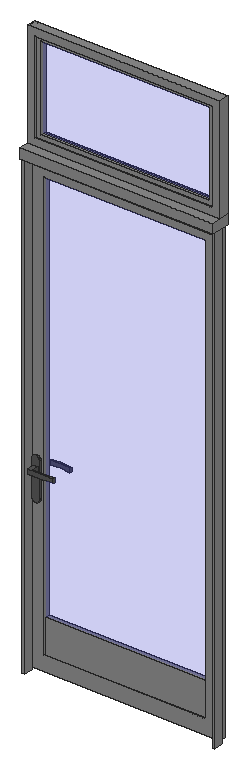
Revit family "Door_Swing Door_The Sliding Door Company_Single Door with Transom_Without Casing", category Doors, host Wall, Revit 2019
Family settings
  Host = Wall
  OmniClass Number = 23.30.10.00
  OmniClass Title = Doors
  Always vertical = Yes
  Cut with Voids When Loaded = No
  Shared = No
  Room Calculation Point = No
Parameters (values of type "Single Swing Door with Transom")
  URL = "https://www.slidingdoorco.com"
  Thickness = 1 1/4"  # constant formula
  Transom Panel Width = Transom Order Width - 2"  # 38"
  Transom Panel Height = Transom Order Height - 1 1/2"  # 20 1/2"
  Transom Order Width = SD Panel Width + 3/8"  # 40"
  Transom Order Height = Finished Opening Height - SD Order Height - Beam  # 22"
  SD Top Side Gap = 1/4"  # constant formula
  Swing Angle [instance] = 90.00°
  SD Stile/Rail = 3"  # constant formula
  Stile, Rail, Door Stop & Kickplate Material [instance] = TSDC - Powder Coat Charcoal Gray
  Round Designer Handle Finish [instance] = TSDC - Handle Black
  Round Designer Handle 12" = not(Lever Set)  # no
  SD Panel Width = Width - 3/8"  # 39 5/8"
  SD Panel Height = Height - 7/8"  # 95 1/8"
  Opening Clearance Height = Height - 1" / 2  # 95 1/2"
  Opening Clearance Width = Width - 5" / 8 - 1 7/8"  # 37 1/2"
  Model = "Swing Door without Door Casing + Transom"  # constant formula
  Maximum Transom Order Height = "48 inches"  # constant formula
  Maximum Door Panel Width = "40 inches"  # constant formula
  Maximum Door Panel Height = "108 inches"  # constant formula
  Maximum Door Swing = "120 degress"  # constant formula
  Manufacturer = "The Sliding Door Company"  # constant formula
  Lever Set = yes
  Kickplate = yes
  Lever Handle Finish [instance] = TSDC - Handle Black
  SD Hinge Side Gap = 1/4"  # constant formula
  SD Handle Side Gap = 1/8"  # constant formula
  Glass Material [instance] = TSDC - Clear Glass
  Function = Interior
  Frame Projection Ext. = 1"
  Frame Projection Int. = 1"
  Frame Width = 3"
  Height = if(SD Order Height > 108 7/8", 108 7/8", SD Order Height)  # 96"
  Wall Closure = By host
  Width = if(SD Order Width > 40 3/8", 40 3/8", SD Order Width)  # 40"
  Fire Rating = "N/A"  # constant formula
  SD Order Width = 40"
  SD Order Height = 96"
  Finished Opening Height = 120"
  Description = "Swing Door without Door Casing + Transom"  # constant formula
  Contact Information = "https://www.slidingdoorco.com/contact"
  Beam = 2"
  ADA Opening Clearance = "Minimum of 32 inches Opening Clearance"  # constant formula
  SD Bottom Side Gap = 5/8"  # constant formula
Reference planes (in)
  plane 1 "Center (Front/Back)": y = 0
  plane 2 "Center (Left/Right)": x = 0
  plane 3 "Left": x = -20
  plane 4 "Right": x = 20
  plane 5 "Top": z = 96
  plane 6 "Exterior": y = 3
  plane 7 "Interior": y = -3
  plane 8 "hinge": x = 19.75
  plane 9 "handle": x = -19.875
  plane 10 "top side": z = 95.75
  plane 11 "bottom side": z = 0.625
  plane 12: x = -19.375
  plane 13: x = 18.125
  plane 14: y = 1.375
  plane 15: y = 2.625
  plane 16: z = 36
  plane 17: z = 38
  plane 18: z = 10.625
  plane 19 "4": z = 98
  plane 20: y = -1
  plane 21: z = 120
  plane 22: z = 119.25
  plane 23: z = 98.75
  plane 24: x = -19
  plane 25: x = 19
Forms (in)
  Extrusion 1, solid, material "TSDC - Powder Coat Charcoal Gray" <- "Stile, Rail, Door Stop & Kickplate Material"
    sketch origin (0, 0, 0) x (1, 0, 0) y (0, 0, 1)
      loop
        line (19.75, 95.75) -> (-19.875, 95.75) -> (-19.875, 0.625) -> (19.75, 0.625) -> (19.75, 95.75)
      loop
        line (16.75, 92.75) -> (-16.875, 92.75) -> (-16.875, 3.625) -> (16.75, 3.625) -> (16.75, 92.75)
    from -2.625 to -1.375
  Extrusion 2, solid, material "TSDC - Clear Glass" <- "Glass Material"
    sketch origin (0, 0, 0) x (1, 0, 0) y (0, 0, 1)
      loop
        line (16.75, 92.75) -> (-16.875, 92.75) -> (-16.875, 3.625) -> (16.75, 3.625) -> (16.75, 92.75)
    from -2.125 to -1.9023437
  Sweep 3, solid, not visible
    path origin (0, 0, 0) x (1, 0, 0) y (0, 0, 1)
      loop
        line (-20, 0) -> (-20, 108) -> (16.125, 108) -> (16.125, 0)
    profile origin (-20, 0, 54) x (-1, 0, 0) y (0, -1, 0)
      loop
        line (-0.4350682, -0.2853449) -> (-0.3716442, -0.3219628) -> (-0.3261896, -0.2957196) -> (-0.2788586, -0.3103573) -> (0, -0.3103573) -> (0, 0.9818302) -> (-0.274122, 0.9818302) -> (-0.3244755, 0.9662578) -> (-0.3779955, 0.9923612) -> (-0.4376557, 0.9579164)
        arc (-0.4376557, 0.9579164) -> (-0.4452512, 0.9295695) -> (-0.4169043, 0.921974) r 0.0207514
        line (-0.4169043, 0.921974) -> (-0.3760036, 0.945588) -> (-0.3150881, 0.9104184) -> (-0.2694227, 0.9367833) -> (-0.079, 0.9367833) -> (-0.079, -0.2672636) -> (-0.2694227, -0.2672636) -> (-0.3150881, -0.2408986) -> (-0.3750271, -0.2755044) -> (-0.4157969, -0.2519659)
        arc (-0.4157969, -0.2519659) -> (-0.442122, -0.2590197) -> (-0.4350682, -0.2853449) r 0.0192714
      loop
        arc (-0.3932442, -0.6690036) -> (-0.2465, -0.7110937) -> (-0.0997558, -0.6690036) r 0.2768517
        line (-0.0997558, -0.6690036) -> (-0.0917465, -0.5659293) -> (-0.2465, -0.5190055) -> (-0.4012535, -0.5659293) -> (-0.3932442, -0.6690036)
      loop
        line (-0.3245894, 0.9760109) -> (-0.2695482, 0.9955489) -> (0, 0.9955489) -> (0, 1.0467364) -> (-0.512, 1.0467364) -> (-0.512, -0.4532636) -> (-0.325, -0.4532636) -> (-0.325, -0.4181698) -> (-0.394, -0.4181698) -> (-0.394, -0.3694042) -> (-0.099, -0.3694042) -> (-0.099, -0.4181698) -> (-0.168, -0.4181698) -> (-0.168, -0.4532636) -> (0, -0.4532636) -> (0, -0.3182167) -> (-0.2819282, -0.3182167) -> (-0.3251091, -0.3048624) -> (-0.3657274, -0.3302167) -> (-0.457, -0.3302167) -> (-0.457, 1.0016896) -> (-0.3657275, 1.0016896) -> (-0.3245894, 0.9760109)
      loop
        line (-0.0665, -0.6928078) -> (-0.0546726, -0.5405971) -> (-0.1979034, -0.4971673) -> (-0.1979034, -0.411631) -> (-0.1274176, -0.411631) -> (-0.1274176, -0.3790309) -> (-0.3655824, -0.3790309) -> (-0.3655824, -0.411631) -> (-0.2950966, -0.411631) -> (-0.2950966, -0.4971673) -> (-0.4383274, -0.5405971) -> (-0.4265, -0.6928078)
        arc (-0.4265, -0.6928078) -> (-0.3630851, -0.7351291) -> (-0.2883072, -0.7499888) r 0.1955799
        line (-0.2883072, -0.7499888) -> (-0.2047666, -0.7499888)
        arc (-0.2047666, -0.7499888) -> (-0.1299546, -0.7351296) -> (-0.0665, -0.6928078) r 0.1957584
  Sweep 4, solid, not visible
    path origin (2, 0, 0) x (1, 0, 0) y (0, 0, 1)
      loop
        line (-20, 0) -> (-20, 96) -> (16, 96) -> (16, 0)
    profile origin (-18, 0, 48) x (-1, 0, 0) y (0, -1, 0)
      loop
        line (-0.4350682, -0.2853449) -> (-0.3716442, -0.3219628) -> (-0.3261896, -0.2957196) -> (-0.2788586, -0.3103573) -> (0, -0.3103573) -> (0, 0.9818302) -> (-0.274122, 0.9818302) -> (-0.3244755, 0.9662578) -> (-0.3779955, 0.9923612) -> (-0.4376557, 0.9579164)
        arc (-0.4376557, 0.9579164) -> (-0.4452512, 0.9295695) -> (-0.4169043, 0.921974) r 0.0207514
        line (-0.4169043, 0.921974) -> (-0.3760036, 0.945588) -> (-0.3150881, 0.9104184) -> (-0.2694227, 0.9367833) -> (-0.079, 0.9367833) -> (-0.079, -0.2672636) -> (-0.2694227, -0.2672636) -> (-0.3150881, -0.2408986) -> (-0.3750271, -0.2755044) -> (-0.4157969, -0.2519659)
        arc (-0.4157969, -0.2519659) -> (-0.442122, -0.2590197) -> (-0.4350682, -0.2853449) r 0.0192714
      loop
        arc (-0.3932442, -0.6690036) -> (-0.2465, -0.7110937) -> (-0.0997558, -0.6690036) r 0.2768517
        line (-0.0997558, -0.6690036) -> (-0.0917465, -0.5659293) -> (-0.2465, -0.5190055) -> (-0.4012535, -0.5659293) -> (-0.3932442, -0.6690036)
      loop
        line (-0.3245894, 0.9760109) -> (-0.2695482, 0.9955489) -> (0, 0.9955489) -> (0, 1.0467364) -> (-0.512, 1.0467364) -> (-0.512, -0.4532636) -> (-0.325, -0.4532636) -> (-0.325, -0.4181698) -> (-0.394, -0.4181698) -> (-0.394, -0.3694042) -> (-0.099, -0.3694042) -> (-0.099, -0.4181698) -> (-0.168, -0.4181698) -> (-0.168, -0.4532636) -> (0, -0.4532636) -> (0, -0.3182167) -> (-0.2819282, -0.3182167) -> (-0.3251091, -0.3048624) -> (-0.3657274, -0.3302167) -> (-0.457, -0.3302167) -> (-0.457, 1.0016896) -> (-0.3657275, 1.0016896) -> (-0.3245894, 0.9760109)
      loop
        line (-0.0665, -0.6928078) -> (-0.0546726, -0.5405971) -> (-0.1979034, -0.4971673) -> (-0.1979034, -0.411631) -> (-0.1274176, -0.411631) -> (-0.1274176, -0.3790309) -> (-0.3655824, -0.3790309) -> (-0.3655824, -0.411631) -> (-0.2950966, -0.411631) -> (-0.2950966, -0.4971673) -> (-0.4383274, -0.5405971) -> (-0.4265, -0.6928078)
        arc (-0.4265, -0.6928078) -> (-0.3630851, -0.7351291) -> (-0.2883072, -0.7499888) r 0.1955799
        line (-0.2883072, -0.7499888) -> (-0.2047666, -0.7499888)
        arc (-0.2047666, -0.7499888) -> (-0.1299546, -0.7351296) -> (-0.0665, -0.6928078) r 0.1957584
  Extrusion 5, solid, material "TSDC - Powder Coat Charcoal Gray" <- "Stile, Rail, Door Stop & Kickplate Material"
    sketch origin (0, 0, 0) x (1, 0, 0) y (0, 0, 1)
      loop
        line (-20, 96) -> (-20, 0) -> (-19.5, 0) -> (-19.5, 95.5) -> (19.5, 95.5) -> (19.5, 0) -> (20, 0) -> (20, 96) -> (-20, 96)
    from -1.375 to 0.375
  Extrusion 6, solid, not visible
    sketch origin (0, -1.25, 0) x (1, 0, 0) y (0, 1, 0)
      loop
        line (-18.6875, 2.625) -> (-18.6875, 0.8125)
        arc (-18.6875, 0.8125) -> (-18.375, 1.125) -> (-18.0625, 0.8125) r 0.3125
        line (-18.0625, 0.8125) -> (-18.0625, 2.625) -> (-18.6875, 2.625)
    from 1 to 1.75
  Extrusion 7, solid, not visible
    sketch origin (0, -1.25, 0) x (1, 0, 0) y (0, 1, 0)
      loop
        line (-18.6875, 2.625) -> (-18.6875, 0.8125)
        arc (-18.6875, 0.8125) -> (-18.375, 1.125) -> (-18.0625, 0.8125) r 0.3125
        line (-18.0625, 0.8125) -> (-18.0625, 2.625) -> (-18.6875, 2.625)
    from 10.25 to 11
  Extrusion 8, solid, not visible
    sketch origin (0, 0.0841657, 0) x (1, 0, 0) y (0, 1, 0)
      loop
        circle (-18.3735619, -0.521669) r 0.3125
    from 0 to 12
  Extrusion 9, solid, material "TSDC - Powder Coat Charcoal Gray" <- "Stile, Rail, Door Stop & Kickplate Material", visible <- "Kickplate"
    sketch origin (0, 0, 0) x (1, 0, 0) y (0, 1, 0)
      loop
        line (-16.875, 2.5136719) -> (-16.875, 1.5136719) -> (16.75, 1.5136719) -> (16.75, 2.5136719) -> (-16.875, 2.5136719)
    from 3.625 to 10.625
  Extrusion 10, solid, material "TSDC - Powder Coat Charcoal Gray" <- "Stile, Rail, Door Stop & Kickplate Material"
    sketch origin (0, 0, 0) x (1, 0, 0) y (0, 0, 1)
      loop
        line (-20, 98) -> (-20, 96) -> (20, 96) -> (20, 98) -> (-20, 98)
    from -3 to 1
  Sweep 11, solid, material "TSDC - Powder Coat Charcoal Gray" <- "Stile, Rail, Door Stop & Kickplate Material"
    path origin (0, 0, 0) x (1, 0, 0) y (0, 0, 1)
      loop
        line (20, 120) -> (-20, 120) -> (-20, 98) -> (20, 98) -> (20, 120)
    profile origin (20, 0, 109) x (0, -1, 0) y (1, 0, 0)
      loop
        line (-3, 0) -> (-3, -1.5) -> (-2.6888625, -1.5) -> (-2.6888625, -0.0625) -> (-1.3607375, -0.0625) -> (-1.3607375, -1.5) -> (-1.0248, -1.5) -> (-1.0248, 0) -> (-3, 0)
  Extrusion 12, solid, material "TSDC - Powder Coat Charcoal Gray" <- "Stile, Rail, Door Stop & Kickplate Material"
    sketch origin (0, 0, 0) x (1, 0, 0) y (0, 0, 1)
      loop
        line (19, 119.25) -> (-19, 119.25) -> (-19, 98.75) -> (19, 98.75) -> (19, 119.25)
      loop
        line (17.5, 117.75) -> (-17.5, 117.75) -> (-17.5, 100.25) -> (17.5, 100.25) -> (17.5, 117.75)
    from -2.6498 to -1.3998
  Extrusion 13, solid, material "TSDC - Clear Glass" <- "Glass Material"
    sketch origin (0, 0, 0) x (1, 0, 0) y (0, 0, 1)
      loop
        line (17.5, 117.75) -> (-17.5, 117.75) -> (-17.5, 100.25) -> (17.5, 100.25) -> (17.5, 117.75)
    from -2.1498 to -1.8998
Lines and regions (in)
  Opening 1
    outline origin (-90, -3, 0) x (1, 0, 0) y (0, 0, 1)
      loop
        line (70, 0) -> (110, 0) -> (110, 120) -> (70, 120) -> (70, 0)
  symbolic lines, style "Elevation Swing"
    curve 1: line (-19.875, 0, 95.75) -> (19.75, 0, 48)
    curve 2: line (19.75, 0, 48) -> (-19.875, 0, 0.625)
Text (in)
  text "Exterior" at (-74.9673292, 27.3110449, 0), in view "Ref. Level"
  text "Interior" at (-74.9673292, -25.1436555, 0), in view "Ref. Level"
  text "Exterior" at (0, 40.1514891, 123.0158834), in view "Right"
  text "Interior" at (0, -64.3913889, 123.0158834), in view "Right"
  text "Interior" at (0, -31.0159946, 123.0069277), in view "Left"
  text "Exterior" at (0, 54.5706505, 123.0069277), in view "Left"
Dimensions and locks (in)
  equal spacing: plane 3 "Left", plane 2 "Center (Left/Right)", plane 4 "Right"
  "SD Hinge Side Gap": plane 8 "hinge" to plane 4 "Right"
  "SD Handle Side Gap": plane 3 "Left" to plane 9 "handle"
  "SD Top Side Gap": plane 10 "top side" to plane 5 "Top"
  "SD Bottom Side Gap": level to plane 11 "bottom side"
  "SD Stile/Rail": Extrusion 1 to Extrusion 1  (x4)
  "Height": level to plane 5 "Top"
  locked: Extrusion 1 to Extrusion 1 at 1.25
  "Width": plane 3 "Left" to plane 4 "Right"
  locked: plane 3 "Left" to plane 12 at 0.625
  locked: plane 13 to plane 4 "Right" at 1.875
  locked: plane 14 to plane 6 "Exterior" at 1.625
  Extrusion 5 sketch curve to Extrusion 5 sketch curve = 1/2"  (x3)
  locked: Extrusion 5 to plane 14 at 1.75
  locked: plane 6 "Exterior" to Extrusion 1 at 0.375
  locked: Extrusion 1 to Extrusion 2 at 0.5
  locked: Extrusion 1 to Extrusion 2 at 0.5273438
  equal spacing: level, curve 2, plane 5 "Top"
  locked: Extrusion 1 to nested 2 at 1.5
  locked: plane 15 to plane 6 "Exterior" at 0.375
  locked: Extrusion 1 to nested 3 at 1.5
  locked: plane 16 to level at 36
  locked: Extrusion 1 to nested 6 at 1.5
  locked: Extrusion 1 to nested 7 at 1.5
  locked: plane 17 to level at 38
  locked: plane 18 to plane 11 "bottom side" at 10
  locked: plane 20 to plane 6 "Exterior" at 4
  "Beam": plane 5 "Top" to plane 19 "4"
  locked: plane 6 "Exterior" to Extrusion 12 at 0.3502
  locked: Extrusion 12 to Extrusion 2 at 0.5248
  locked: Extrusion 12 to Extrusion 13 at 0.5
  "Finished Opening Height": level to plane 21
  locked: plane 22 to plane 21 at 0.75
  locked: plane 19 "4" to plane 23 at 0.75
  locked: plane 3 "Left" to plane 24 at 1
  locked: plane 25 to plane 4 "Right" at 1
  aligned and locked: plane 3 "Left" to Opening 1 sketch curve
  aligned and locked: Opening 1 sketch curve to plane 4 "Right"
  aligned and locked: Opening 1 sketch curve to level
  aligned and locked: plane 6 "Exterior" to host wall
  aligned and locked: plane 7 "Interior" to host wall
  aligned and locked: Extrusion 1 sketch curve to plane 10 "top side"
  aligned and locked: plane 8 "hinge" to Extrusion 1 sketch curve
  aligned and locked: plane 11 "bottom side" to Extrusion 1 sketch curve
  aligned and locked: Extrusion 1 sketch curve to plane 9 "handle"
  aligned and locked: Extrusion 2 sketch curve to Extrusion 1  (x4)
  aligned and locked: Extrusion 1 to Extrusion 2  (x2)
  aligned and locked: Extrusion 5 sketch curve to plane 3 "Left"
  aligned and locked: plane 4 "Right" to Extrusion 5 sketch curve
  aligned and locked: plane 5 "Top" to Extrusion 5 sketch curve
  aligned and locked: Extrusion 5 sketch curve to level  (x2)
  aligned and locked: Extrusion 5 to Extrusion 1
  aligned and locked: plane 8 "hinge" to nested 1
  aligned and locked: plane 14 to nested 1
  aligned and locked: nested 2 to plane 14
  aligned and locked: plane 14 to nested 6
  aligned and locked: plane 15 to nested 7
  aligned and locked: plane 18 to Extrusion 9
  aligned and locked: Extrusion 9 to Extrusion 1  (x3)
  aligned and locked: Extrusion 1 to nested 3
  aligned and locked: plane 19 "4" to Extrusion 10 sketch curve
  aligned and locked: Extrusion 10 sketch curve to host wall
  aligned and locked: Extrusion 10 sketch curve to plane 3 "Left"
  aligned and locked: host wall to Extrusion 10
  aligned and locked: plane 20 to Extrusion 10
  aligned and locked: Opening 1 sketch curve to plane 21
  aligned and locked: plane 21 to Sweep 11 sketch curve
  aligned and locked: Sweep 11 sketch curve to plane 3 "Left"
  aligned and locked: Sweep 11 sketch curve to plane 19 "4"
  aligned and locked: plane 4 "Right" to Sweep 11 sketch curve
  aligned and locked: Extrusion 12 sketch curve to plane 22
  aligned and locked: plane 25 to Extrusion 12 sketch curve
  aligned and locked: Extrusion 12 sketch curve to plane 23
  aligned and locked: plane 24 to Extrusion 12 sketch curve
  aligned and locked: Extrusion 13 sketch curve to Extrusion 12  (x4)
Automatic sketch dimensions
  Sweep 3 sketch curve to profile plane = 0"  (x3)
  profile plane to Sweep 3 sketch curve = 7/128"
  profile plane to Sweep 3 sketch curve = 0.0665"
  profile plane to Sweep 3 sketch curve = 0.079"
  Sweep 3 sketch curve to Sweep 3 sketch curve = 0.03707"  (x2)
  profile plane to Sweep 3 sketch curve = 0.099"
  Sweep 3 sketch curve to Sweep 3 sketch curve = 0.03326"  (x2)
  Sweep 3 sketch curve to Sweep 3 sketch curve = 0.02842"  (x2)
  Sweep 3 sketch curve to Sweep 3 sketch curve = 0.04058"  (x2)
  Sweep 3 sketch curve to Sweep 3 sketch curve = 0.0299"  (x2)
  Sweep 3 sketch curve to Sweep 3 sketch curve = 0.0486"  (x3)
  Sweep 3 sketch curve to Sweep 3 sketch curve = 0.07152"
  Sweep 3 sketch curve to Sweep 3 sketch curve = 0.19042"
  Sweep 3 sketch curve to Sweep 3 sketch curve = 0.00013"
  Sweep 3 sketch curve to Sweep 3 sketch curve = 0.00457"
  Sweep 3 sketch curve to Sweep 3 sketch curve = 0.00944"
  Sweep 3 sketch curve to Sweep 3 sketch curve = 0.00307"
  Sweep 3 sketch curve to Sweep 3 sketch curve = 0.04181"
  Sweep 3 sketch curve to Sweep 3 sketch curve = 0.04567"  (x2)
  Sweep 3 sketch curve to Sweep 3 sketch curve = 0.05035"
  Sweep 3 sketch curve to Sweep 3 sketch curve = 0.00011"
  Sweep 3 sketch curve to Sweep 3 sketch curve = 0.04318"
  Sweep 3 sketch curve to Sweep 3 sketch curve = 0.00108"
  Sweep 3 sketch curve to Sweep 3 sketch curve = 0.04062"
  Sweep 3 sketch curve to Sweep 3 sketch curve = 0.04114"
  Sweep 3 sketch curve to Sweep 3 sketch curve = 0.00592"
  Sweep 3 sketch curve to Sweep 3 sketch curve = 0.00338"
  Sweep 3 sketch curve to Sweep 3 sketch curve = 0.05153"
  Sweep 3 sketch curve to Sweep 3 sketch curve = 0.01227"
  Sweep 3 sketch curve to Sweep 3 sketch curve = 0.10494"
  Sweep 3 sketch curve to Sweep 3 sketch curve = 0.00801"
  Sweep 3 sketch curve to Sweep 3 sketch curve = 0.04077"
  Sweep 3 sketch curve to Sweep 3 sketch curve = 0.0409"
  Sweep 3 sketch curve to Sweep 3 sketch curve = 0.00964"  (x2)
  Sweep 3 sketch curve to Sweep 3 sketch curve = 0.01038"  (x2)
  Sweep 3 sketch curve to Sweep 3 sketch curve = 0.02193"
  Sweep 3 sketch curve to Sweep 3 sketch curve = 0.07367"
  Sweep 3 sketch curve to Sweep 3 sketch curve = 1.16238"
  Sweep 3 sketch curve to Sweep 3 sketch curve = 0.0153"
  Sweep 3 sketch curve to Sweep 3 sketch curve = 0.01669"
  Sweep 3 sketch curve to Sweep 3 sketch curve = 0.02354"
  Sweep 3 sketch curve to Sweep 3 sketch curve = 0.02022"
  Sweep 3 sketch curve to Sweep 3 sketch curve = 0.00914"
  Sweep 3 sketch curve to Sweep 3 sketch curve = 0.04309"
  Sweep 3 sketch curve to Sweep 3 sketch curve = 0.00786"
  Sweep 3 sketch curve to Sweep 3 sketch curve = 0.04646"
  Sweep 3 sketch curve to Sweep 3 sketch curve = 0.04487"
  Sweep 3 sketch curve to Sweep 3 sketch curve = 0.10214"
  Sweep 3 sketch curve to Sweep 3 sketch curve = 0.00963"
  Sweep 3 sketch curve to Sweep 3 sketch curve = 0.0326"  (x2)
  Sweep 3 sketch curve to Sweep 3 sketch curve = 0.00654"  (x2)
  Sweep 3 sketch curve to Sweep 3 sketch curve = 0.02261"
  Sweep 3 sketch curve to Sweep 3 sketch curve = 0.03509"  (x2)
  Sweep 3 sketch curve to Sweep 3 sketch curve = 0.0439"  (x2)
  Sweep 3 sketch curve to Sweep 3 sketch curve = 0.02184"
  Sweep 3 sketch curve to Sweep 3 sketch curve = 0.08733"  (x2)
  Sweep 3 sketch curve to Sweep 3 sketch curve = 0.03522"
  Sweep 3 sketch curve to Sweep 3 sketch curve = 0.0354"
  Sweep 3 sketch curve to Sweep 3 sketch curve = 0.02533"  (x2)
  Sweep 3 sketch curve to Sweep 3 sketch curve = 0.10307"
  Sweep 3 sketch curve to Sweep 3 sketch curve = 0.0238"  (x2)
  Sweep 3 sketch curve to Sweep 3 sketch curve = 0.02636"  (x2)
  Sweep 3 sketch curve to profile plane = 3/4"
  profile plane to Sweep 3 sketch curve = 0.92197"
  Sweep 3 sketch curve to Sweep 3 sketch curve = 0.01797"
  Sweep 3 sketch curve to Sweep 3 sketch curve = 0.02361"
  profile plane to Sweep 3 sketch curve = 0.96626"
  Sweep 3 sketch curve to Sweep 3 sketch curve = 0.00975"
  profile plane to Sweep 3 sketch curve = 0.98183"
  profile plane to Sweep 3 sketch curve = 0.99236"
  profile plane to Sweep 3 sketch curve = 0.99555"
  profile plane to Sweep 3 sketch curve = 1.00169"
  profile plane to Sweep 3 sketch curve = 1.04674"
  Sweep 3 sketch curve to Sweep 3 sketch curve = 36 1/8"
  Sweep 3 sketch curve to Sweep 3 sketch curve = 108"
  Sweep 3 sketch curve to Sweep 3 sketch curve = 0"
  Sweep 4 sketch curve to profile plane = 0"  (x3)
  profile plane to Sweep 4 sketch curve = 7/128"
  profile plane to Sweep 4 sketch curve = 0.0665"
  profile plane to Sweep 4 sketch curve = 0.079"
  Sweep 4 sketch curve to Sweep 4 sketch curve = 0.03707"  (x2)
  profile plane to Sweep 4 sketch curve = 0.099"
  Sweep 4 sketch curve to Sweep 4 sketch curve = 0.03326"  (x2)
  Sweep 4 sketch curve to Sweep 4 sketch curve = 0.02842"  (x2)
  Sweep 4 sketch curve to Sweep 4 sketch curve = 0.04058"  (x2)
  Sweep 4 sketch curve to Sweep 4 sketch curve = 0.0299"  (x2)
  Sweep 4 sketch curve to Sweep 4 sketch curve = 0.0486"  (x3)
  Sweep 4 sketch curve to Sweep 4 sketch curve = 0.07152"
  Sweep 4 sketch curve to Sweep 4 sketch curve = 0.19042"
  Sweep 4 sketch curve to Sweep 4 sketch curve = 0.00013"
  Sweep 4 sketch curve to Sweep 4 sketch curve = 0.00457"
  Sweep 4 sketch curve to Sweep 4 sketch curve = 0.00944"
  Sweep 4 sketch curve to Sweep 4 sketch curve = 0.00307"
  Sweep 4 sketch curve to Sweep 4 sketch curve = 0.04181"
  Sweep 4 sketch curve to Sweep 4 sketch curve = 0.04567"  (x2)
  Sweep 4 sketch curve to Sweep 4 sketch curve = 0.05035"
  Sweep 4 sketch curve to Sweep 4 sketch curve = 0.00011"
  Sweep 4 sketch curve to Sweep 4 sketch curve = 0.04318"
  Sweep 4 sketch curve to Sweep 4 sketch curve = 0.00108"
  Sweep 4 sketch curve to Sweep 4 sketch curve = 0.04062"
  Sweep 4 sketch curve to Sweep 4 sketch curve = 0.04114"
  Sweep 4 sketch curve to Sweep 4 sketch curve = 0.00592"
  Sweep 4 sketch curve to Sweep 4 sketch curve = 0.00338"
  Sweep 4 sketch curve to Sweep 4 sketch curve = 0.05153"
  Sweep 4 sketch curve to Sweep 4 sketch curve = 0.01227"
  Sweep 4 sketch curve to Sweep 4 sketch curve = 0.10494"
  Sweep 4 sketch curve to Sweep 4 sketch curve = 0.00801"
  Sweep 4 sketch curve to Sweep 4 sketch curve = 0.04077"
  Sweep 4 sketch curve to Sweep 4 sketch curve = 0.0409"
  Sweep 4 sketch curve to Sweep 4 sketch curve = 0.00964"  (x2)
  Sweep 4 sketch curve to Sweep 4 sketch curve = 0.01038"  (x2)
  Sweep 4 sketch curve to Sweep 4 sketch curve = 0.02193"
  Sweep 4 sketch curve to Sweep 4 sketch curve = 0.07367"
  Sweep 4 sketch curve to Sweep 4 sketch curve = 1.16238"
  Sweep 4 sketch curve to Sweep 4 sketch curve = 0.0153"
  Sweep 4 sketch curve to Sweep 4 sketch curve = 0.01669"
  Sweep 4 sketch curve to Sweep 4 sketch curve = 0.02354"
  Sweep 4 sketch curve to Sweep 4 sketch curve = 0.02022"
  Sweep 4 sketch curve to Sweep 4 sketch curve = 0.00914"
  Sweep 4 sketch curve to Sweep 4 sketch curve = 0.04309"
  Sweep 4 sketch curve to Sweep 4 sketch curve = 0.00786"
  Sweep 4 sketch curve to Sweep 4 sketch curve = 0.04646"
  Sweep 4 sketch curve to Sweep 4 sketch curve = 0.04487"
  Sweep 4 sketch curve to Sweep 4 sketch curve = 0.10214"
  Sweep 4 sketch curve to Sweep 4 sketch curve = 0.00963"
  Sweep 4 sketch curve to Sweep 4 sketch curve = 0.0326"  (x2)
  Sweep 4 sketch curve to Sweep 4 sketch curve = 0.00654"  (x2)
  Sweep 4 sketch curve to Sweep 4 sketch curve = 0.02261"
  Sweep 4 sketch curve to Sweep 4 sketch curve = 0.03509"  (x2)
  Sweep 4 sketch curve to Sweep 4 sketch curve = 0.0439"  (x2)
  Sweep 4 sketch curve to Sweep 4 sketch curve = 0.02184"
  Sweep 4 sketch curve to Sweep 4 sketch curve = 0.08733"  (x2)
  Sweep 4 sketch curve to Sweep 4 sketch curve = 0.03522"
  Sweep 4 sketch curve to Sweep 4 sketch curve = 0.0354"
  Sweep 4 sketch curve to Sweep 4 sketch curve = 0.02533"  (x2)
  Sweep 4 sketch curve to Sweep 4 sketch curve = 0.10307"
  Sweep 4 sketch curve to Sweep 4 sketch curve = 0.0238"  (x2)
  Sweep 4 sketch curve to Sweep 4 sketch curve = 0.02636"  (x2)
  Sweep 4 sketch curve to profile plane = 3/4"
  profile plane to Sweep 4 sketch curve = 0.92197"
  Sweep 4 sketch curve to Sweep 4 sketch curve = 0.01797"
  Sweep 4 sketch curve to Sweep 4 sketch curve = 0.02361"
  profile plane to Sweep 4 sketch curve = 0.96626"
  Sweep 4 sketch curve to Sweep 4 sketch curve = 0.00975"
  profile plane to Sweep 4 sketch curve = 0.98183"
  profile plane to Sweep 4 sketch curve = 0.99236"
  profile plane to Sweep 4 sketch curve = 0.99555"
  profile plane to Sweep 4 sketch curve = 1.00169"
  profile plane to Sweep 4 sketch curve = 1.04674"
  Sweep 4 sketch curve to Sweep 4 sketch curve = 36"
  Sweep 4 sketch curve to Sweep 4 sketch curve = 96"
  Sweep 4 sketch curve to Sweep 4 sketch curve = 0"
  plane 12 to Extrusion 1 sketch curve = 2 1/2"
  Extrusion 1 sketch curve to plane 13 = 1 3/8"
  Extrusion 1 sketch curve to plane 11 "bottom side" = 3"
  plane 10 "top side" to Extrusion 1 sketch curve = 3"
  plane 12 to Extrusion 2 sketch curve = 2 1/2"
  Extrusion 6 sketch curve to Extrusion 6 sketch curve = 5/16"
  Extrusion 7 sketch curve to Extrusion 7 sketch curve = 5/16"
  Extrusion 6 sketch curve to Extrusion 6 sketch curve = 1 13/16"
  Extrusion 7 sketch curve to Extrusion 7 sketch curve = 1 13/16"
  Extrusion 9 sketch curve to plane 14 = 0.13867"
  plane 12 to Extrusion 9 sketch curve = 2 1/2"
  plane 15 to Extrusion 9 sketch curve = 0.11133"
  Extrusion 9 sketch curve to plane 13 = 1 3/8"
  Extrusion 10 sketch curve to plane 5 "Top" = 0"
  Sweep 11 sketch curve to plane 1 "Center (Front/Back)" = 3"
  Sweep 11 sketch curve to Sweep 11 sketch curve = 0.31114"
  Sweep 11 sketch curve to Sweep 11 sketch curve = 1 21/64"
  Sweep 11 sketch curve to Sweep 11 sketch curve = 43/128"
  profile plane to Sweep 11 sketch curve = 1 1/2"
  Sweep 11 sketch curve to Sweep 11 sketch curve = 0"
  Sweep 11 sketch curve to Sweep 11 sketch curve = 1 7/16"
  Sweep 11 sketch curve to Sweep 11 sketch curve = 1/16"
  curve 2 to plane 9 "handle" = 0"
  curve 1 to plane 9 "handle" = 0"
  curve 2 to plane 8 "hinge" = 0"
  curve 2 to plane 11 "bottom side" = 0"
  curve 1 to plane 10 "top side" = 0"
  Extrusion 12 sketch curve to plane 24 = 1 1/2"
  Extrusion 12 sketch curve to plane 13 = 5/8"
  plane 23 to Extrusion 12 sketch curve = 1 1/2"
  plane 22 to Extrusion 12 sketch curve = 1 1/2"
  radius of Extrusion 8 sketch curve = 5/16"
Nested families (in)
  nested 1: "SD Single Door Plan Swing" at (19.75, 1.375, 0), Swing Angle <- "Swing Angle", type "SD Single Door Plan Swing"
    with Swing Angle 90.00°, Actual Angle 90.00°, Width 39 5/8"
  nested 2: "Round Designer Handle 12 inches" at (-18.375, -0.75, 30), visible <- "Round Designer Handle 12"", Round Designer Handle Finish <- "Round Designer Handle Finish", type "Round Designer Handle 12 inches"
    with Round Designer Handle Finish TSDC - Handle Black
  nested 3: "Round Designer Handle 12 inches" at (-18.375, 4.75, 30), visible <- "Round Designer Handle 12"", Round Designer Handle Finish <- "Round Designer Handle Finish", type "Round Designer Handle 12 inches"
    with Round Designer Handle Finish TSDC - Handle Black
  nested 4: "Round Designer Handle 12 inches" at (-18.375, -0.75, 30), type "Round Designer Handle 12 inches", not visible
  nested 5: "Round Designer Handle 12 inches" at (-18.375, 4.75, 30), type "Round Designer Handle 12 inches", not visible
  nested 6: "Lever Set" at (-18.375, 1.375, 31.6875), visible <- "Lever Set", Lever Handle Finish <- "Lever Handle Finish", type "Lever Set"
    with Lever Handle Finish TSDC - Handle Black
  nested 7: "Lever Set" at (-18.375, 2.625, 31.6875), visible <- "Lever Set", Lever Handle Finish <- "Lever Handle Finish", type "Lever Set"
    with Lever Handle Finish TSDC - Handle Black
Definition of nested family "Round Designer Handle 12 inches"
  Parameters (values of type "Round Designer Handle 12 inches")
    Round Designer Handle Finish [instance] = none
  Reference planes (in)
    plane 1 "Center (Front/Back)": y = 0
    plane 2: z = 0
    plane 3 "Center (Left/Right)": x = 0
  Forms (in)
    Extrusion 1, solid, material <- "Round Designer Handle Finish"
      sketch origin (0, -2.669818, 0) x (1, 0, 0) y (0, 1, 0)
        loop
          circle (0, 2.982318) r 0.3125
      from 0 to 12
    Extrusion 2, solid, material <- "Round Designer Handle Finish"
      sketch origin (0, 0, 0) x (1, 0, 0) y (0, 0, 1)
        loop
          circle (0, 10.5) r 0.3125
      from -2.125 to -0.3125
    Extrusion 3, solid, material <- "Round Designer Handle Finish"
      sketch origin (0, 0, -9) x (1, 0, 0) y (0, 0, 1)
        loop
          circle (0, 10.5) r 0.3125
      from -2.125 to -0.3125
  Lines and regions (in)
    symbolic lines
      curve 1: line (-0.3125, 0.3125, 0) -> (-0.3125, 2.125, 0)
  Dimensions and locks (in)
    aligned and locked: plane 2 to level
Definition of nested family "Lever Set"
  Parameters (values of type "Lever Set")
    Lever Handle Finish [instance] = none
  Reference planes (in)
    plane 1 "Center (Front/Back)": y = 0
    plane 2: z = 0
    plane 3 "Center (Left/Right)": x = 0
  Forms (in)
    Extrusion 1, solid, material <- "Lever Handle Finish"
      sketch origin (0, 0, 0) x (1, 0, 0) y (0, 0, 1)
        loop
          arc (-0.8125, 0.8125) -> (0, 0) -> (0.8125, 0.8125) r 0.8125
          line (0.8125, 0.8125) -> (0.8125, 7.9375)
          arc (0.8125, 7.9375) -> (0, 8.75) -> (-0.8125, 7.9375) r 0.8125
          line (-0.8125, 7.9375) -> (-0.8125, 0.8125)
      from 0 to 0.25
    Extrusion 2, solid, material <- "Lever Handle Finish"
      sketch origin (0, 0, 0) x (1, 0, 0) y (0, 1, 0)
        loop
          line (-0.4375, -0.25) -> (-0.4375, -1.75)
          arc (-0.4375, -1.75) -> (2.1875, -1.9875054) -> (4.8125, -1.75) r 14.625
          line (4.8125, -1.75) -> (4.8125, -1.375)
          arc (4.8125, -1.375) -> (2.6298277, -1.6064709) -> (0.4375, -1.5) r 14.25
          line (0.4375, -1.5) -> (0.4375, -0.25) -> (-0.4375, -0.25)
      from 5.875 to 6.75
  Dimensions and locks (in)
    aligned and locked: plane 2 to level
Definition of nested family "SD Single Door Plan Swing"
  Parameters (values of type "SD Single Door Plan Swing")
    Width = 39.25099"
    Thickness = 1 1/4"
    Swing Angle [instance] = 45.00°
    Actual Angle [instance] = if(Swing Angle < 1.00°, 1.00°, Swing Angle)  # 45.00°
  Reference planes (in)
    plane 1 "Center (Front/Back)": y = 0
    plane 2: z = 0
    plane 3 "Center (Left/Right)": x = 0
    plane 4: x = -39.2509882
  Lines and regions (in)
    Masking region 1
      outline origin (0, 0, 0) x (1, 0, 0) y (0, 1, 0)
        loop
          line (-28.6385234, 26.8707565) -> (-0.8838835, -0.8838835) -> (0, 0) -> (-27.7546399, 27.7546399) -> (-28.6385234, 26.8707565)
    reference lines
      curve 1: line (0, 0, 0) -> (-27.7546399, 27.7546399, 0)
      curve 2: line (-27.7546399, 27.7546399, 0) -> (-28.6385234, 26.8707565, 0)
      curve 3: line (-28.6385234, 26.8707565, 0) -> (-0.8838835, -0.8838835, 0)
      curve 4: line (-0.8838835, -0.8838835, 0) -> (0, 0, 0)
    symbolic lines
      curve 5: arc (-39.2509882, 0, 0) -> (-36.2631846, 15.0207029, 0) -> (-27.7546399, 27.7546399, 0) r 39.2509882
  Dimensions and locks (in)
    "Width": plane 4 to plane 3 "Center (Left/Right)"
    "Width": curve 1 to curve 1
    "Thickness": curve 1 to curve 3
    "Width": radius of curve 5
    "Actual Angle": angle curve 1 to plane 1 "Center (Front/Back)"
    locked: curve 1 to curve 4 (angle 90.00°)
    locked: curve 4 to curve 3 (angle 90.00°)
    locked: curve 3 to curve 2 (angle 90.00°)
    "Actual Angle": angle curve 5 to curve 5
    aligned and locked: plane 2 to level
    aligned and locked: plane 1 "Center (Front/Back)" to curve 1
    aligned and locked: plane 3 "Center (Left/Right)" to curve 1
    aligned and locked: Masking region 1 sketch curve to curve 3
    aligned and locked: Masking region 1 sketch curve to curve 2
    aligned and locked: Masking region 1 sketch curve to curve 4
    aligned and locked: Masking region 1 sketch curve to curve 1
    aligned and locked: plane 3 "Center (Left/Right)" to curve 5
    aligned and locked: plane 1 "Center (Front/Back)" to curve 5  (x2)
